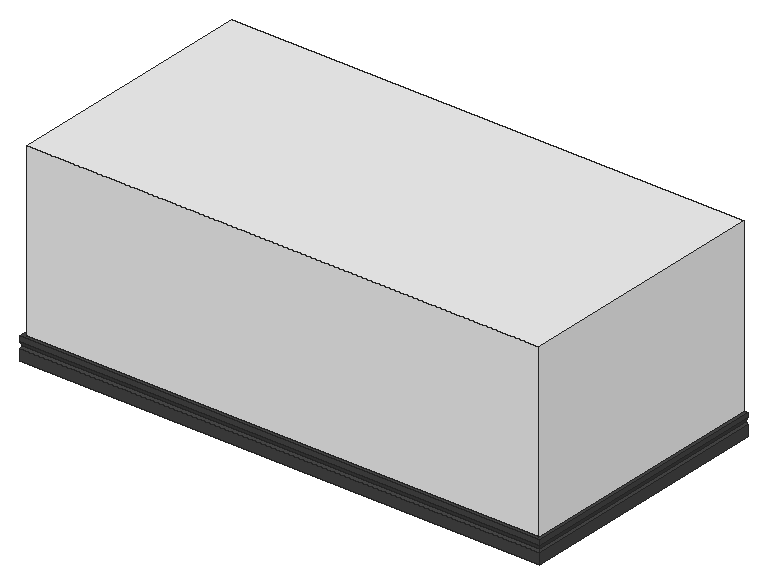
Revit family "Commercial-Kitchen-Vent", category Mechanical Equipment, host Ceiling, Revit 2026
Family settings
  Host = Ceiling
  Round Connector Dimension = Use Diameter
  Part Type = Normal
  Classification Number = 23.40.40.14.21
  Always vertical = Yes
  Cut with Voids When Loaded = No
  Maintain Annotation Orientation = No
  Shared = No
  Room Calculation Point = No
Parameters (values of type "250cfm")
  Length [instance] = 8' - 0"
  Warranty Duration (Years) = 1
  URL = "http://www.arcat.com/"
  Test Data = ""
  Specification = "http://www.arcat.com/divs/sec/sec11425.shtml"
  Sales Information = ""
  Product Properties = "http://www.arcat.com/bim/bim_info.pl?fn=Commercial-Kitchen-Vent "
  Product Data = "http://www.arcat.com/divs/sec/sec11425.shtml"
  Model = "Generic"  # constant formula
  Manufacturer Website = "http://www.arcat.com/"
  Manufacturer Phone - Toll Free = ""
  Manufacturer Phone = "(203) 929-9444"  # constant formula
  Manufacturer Fax = "(203) 929-2444"  # constant formula
  Manufacturer Email = "bim@arcat.com"  # constant formula
  Manufacturer Address = "1077 Bridgeport Ave, Shelton, CT  06484"  # constant formula
  Manufacturer = "Generic"  # constant formula
  Maintenance Schedule (Months) = 3
  Keynote = "11425"
  Installation-Fabrication = ""
  Installation Phase = ""
  Height = 5' - 0"
  Green Building-LEED = "http://www.arcat.com/green/green_building.shtml"
  Flow Rate_Lf = 250
  Fin Material = ARCAT - Metal - Aluminum_Black
  Expected Lifespan (Years) = 10
  Exhaust Capacity_cfm [instance] = Flow Rate_Lf * Length / 1' 0"  # 2000
  Drawn By = "Robert S. Weygant. CSI, CDT, SCIP"  # constant formula
  Description = "Medium-Duty Canopy Commercial Kitchen Vent (CKV)"
  Depth = 4' - 0"
  Default Elevation = 0' - 0"
  Copyright = "2008, ARCAT, Inc."  # constant formula
  Construction Details = "http://www.arcat.com/divs/sec/sec11425.shtml"
  Compliance = "UL710, NSF"
  Building Codes = ""
  Body Material = ARCAT - Metal - Steel_Stainless
  Assembly Code = "D3040200"
  Array [instance] = (Length - 0' 1") / 0' 9 1/8"  # 10
Types (6): name | Flow Rate_Lf | Exhaust Capacity_cfm | Description | Assembly Code
  300cfm | 300 | 2400 | "Medium-Duty Canopy Commercial Kitchen Vent (CKV)" | 0' - 0"
  150cfm | 150 | 1200 | "Light-Duty Canopy Commercial Kitchen Vent (CKV)" | 0' - 0"
  250cfm | 250 | 2000 | "Medium-Duty Canopy Commercial Kitchen Vent (CKV)" | "D3040200"
  200cfm | 200 | 1600 | "Light-Duty Canopy Commercial Kitchen Vent (CKV)" | 0' - 0"
  350cfm | 350 | 2800 | "Heavy-Duty Canopy Commercial Kitchen Vent (CKV)" | 0' - 0"
  400cfm | 400 | 3200 | "Extra-Heavy-Duty Canopy Commercial Kitchen Vent (CKV)" | 0' - 0"
Reference planes (in)
  plane 1 "Center (Front/Back)": y = 0
  plane 2 "Ceiling": z = 96
  plane 3 "Center (Left/Right)": x = 0
  plane 4: y = 24
  plane 5: y = -24
  plane 6: x = 48
  plane 7: x = -48
Forms (in)
  Extrusion 1, solid, material "ARCAT - Metal - Steel_Stainless" <- "Body Material"
    sketch origin (0, 0, 72) x (1, 0, 0) y (0, 1, 0)
      loop
        line (-48, 24) -> (-48, -24) -> (48, -24) -> (48, 24) -> (-48, 24)
    from -12 to 24
  Blend 2, void
    base sketch origin (0, 0, 72) x (1, 0, 0) y (0, 1, 0)
      loop
        line (-46.917, -0.96999) -> (-46.917, -22.96999) -> (47.083, -22.96999) -> (47.083, -0.96999) -> (-46.917, -0.96999)
    top sketch origin (0, 0, 72) x (1, 0, 0) y (0, 1, 0)
      loop
        line (-46.917, -11.96999) -> (-46.917, -22.96999) -> (47.083, -22.96999) -> (47.083, -11.96999) -> (-46.917, -11.96999)
    from -12 to 0
  Sweep 3, solid, material "ARCAT - Metal - Aluminum_Black" <- "Fin Material"
    path origin (0, 0, 0) x (1, 0, 0) y (0, 1, 0)
      loop
        line (48, 24) -> (48, -24) -> (-48, -24) -> (-48, 24)
    profile origin (-48, 0, 0) x (-1, 0, 0) y (0, 0, 1)
      loop
        line (0, 60) -> (0.75, 60) -> (0.75, 62) -> (0.39645, 62.35355) -> (0.75, 63.13233) -> (0.75, 64.13233) -> (0, 64.13233) -> (0, 60)
  Extrusion 4, solid
    sketch origin (0, 11, 72) x (1, 0, 0) y (0, 1, 0)
      loop
        line (-46.917, -11.96999) -> (-46.917, -12.96999) -> (47.083, -12.96999) -> (47.083, -11.96999) -> (-46.917, -11.96999)
    from -12 to -10
  Blend 5, solid, material "ARCAT - Metal - Aluminum_Black" <- "Fin Material"
    base sketch origin (-0.208, 0, 60) x (1, 0, 0) y (0, 1, 0)
      loop
        line (-41.042, -0.96999) -> (-41.042, -1.46999) -> (-39.792, -1.46999) -> (-39.792, -0.96999) -> (-41.042, -0.96999)
    top sketch origin (-0.208, 0, 60) x (1, 0, 0) y (0, 1, 0)
      loop
        line (-41.042, -11.96999) -> (-41.042, -12.46999) -> (-39.792, -12.46999) -> (-39.792, -11.96999) -> (-41.042, -11.96999)
    from 0 to 12
  Blend 6, solid, material "ARCAT - Metal - Aluminum_Black" <- "Fin Material"
    base sketch origin (80.792, 0, 60) x (1, 0, 0) y (0, 1, 0)
      loop
        line (-41.042, -0.96999) -> (-41.042, -1.46999) -> (-39.792, -1.46999) -> (-39.792, -0.96999) -> (-41.042, -0.96999)
    top sketch origin (80.792, 0, 60) x (1, 0, 0) y (0, 1, 0)
      loop
        line (-41.042, -11.96999) -> (-41.042, -12.46999) -> (-39.792, -12.46999) -> (-39.792, -11.96999) -> (-41.042, -11.96999)
    from 0 to 12
  Blend 7, solid, material "ARCAT - Metal - Aluminum_Black" <- "Fin Material"
    base sketch origin (8.792, 0, 60) x (1, 0, 0) y (0, 1, 0)
      loop
        line (-41.042, -0.96999) -> (-41.042, -1.46999) -> (-39.792, -1.46999) -> (-39.792, -0.96999) -> (-41.042, -0.96999)
    top sketch origin (8.792, 0, 60) x (1, 0, 0) y (0, 1, 0)
      loop
        line (-41.042, -11.96999) -> (-41.042, -12.46999) -> (-39.792, -12.46999) -> (-39.792, -11.96999) -> (-41.042, -11.96999)
    from 0 to 12
  Blend 8, solid, material "ARCAT - Metal - Aluminum_Black" <- "Fin Material"
    base sketch origin (17.792, 0, 60) x (1, 0, 0) y (0, 1, 0)
      loop
        line (-41.042, -0.96999) -> (-41.042, -1.46999) -> (-39.792, -1.46999) -> (-39.792, -0.96999) -> (-41.042, -0.96999)
    top sketch origin (17.792, 0, 60) x (1, 0, 0) y (0, 1, 0)
      loop
        line (-41.042, -11.96999) -> (-41.042, -12.46999) -> (-39.792, -12.46999) -> (-39.792, -11.96999) -> (-41.042, -11.96999)
    from 0 to 12
  Blend 9, solid, material "ARCAT - Metal - Aluminum_Black" <- "Fin Material"
    base sketch origin (26.792, 0, 60) x (1, 0, 0) y (0, 1, 0)
      loop
        line (-41.042, -0.96999) -> (-41.042, -1.46999) -> (-39.792, -1.46999) -> (-39.792, -0.96999) -> (-41.042, -0.96999)
    top sketch origin (26.792, 0, 60) x (1, 0, 0) y (0, 1, 0)
      loop
        line (-41.042, -11.96999) -> (-41.042, -12.46999) -> (-39.792, -12.46999) -> (-39.792, -11.96999) -> (-41.042, -11.96999)
    from 0 to 12
  Blend 10, solid, material "ARCAT - Metal - Aluminum_Black" <- "Fin Material"
    base sketch origin (35.792, 0, 60) x (1, 0, 0) y (0, 1, 0)
      loop
        line (-41.042, -0.96999) -> (-41.042, -1.46999) -> (-39.792, -1.46999) -> (-39.792, -0.96999) -> (-41.042, -0.96999)
    top sketch origin (35.792, 0, 60) x (1, 0, 0) y (0, 1, 0)
      loop
        line (-41.042, -11.96999) -> (-41.042, -12.46999) -> (-39.792, -12.46999) -> (-39.792, -11.96999) -> (-41.042, -11.96999)
    from 0 to 12
  Blend 11, solid, material "ARCAT - Metal - Aluminum_Black" <- "Fin Material"
    base sketch origin (44.792, 0, 60) x (1, 0, 0) y (0, 1, 0)
      loop
        line (-41.042, -0.96999) -> (-41.042, -1.46999) -> (-39.792, -1.46999) -> (-39.792, -0.96999) -> (-41.042, -0.96999)
    top sketch origin (44.792, 0, 60) x (1, 0, 0) y (0, 1, 0)
      loop
        line (-41.042, -11.96999) -> (-41.042, -12.46999) -> (-39.792, -12.46999) -> (-39.792, -11.96999) -> (-41.042, -11.96999)
    from 0 to 12
  Blend 12, solid, material "ARCAT - Metal - Aluminum_Black" <- "Fin Material"
    base sketch origin (53.792, 0, 60) x (1, 0, 0) y (0, 1, 0)
      loop
        line (-41.042, -0.96999) -> (-41.042, -1.46999) -> (-39.792, -1.46999) -> (-39.792, -0.96999) -> (-41.042, -0.96999)
    top sketch origin (53.792, 0, 60) x (1, 0, 0) y (0, 1, 0)
      loop
        line (-41.042, -11.96999) -> (-41.042, -12.46999) -> (-39.792, -12.46999) -> (-39.792, -11.96999) -> (-41.042, -11.96999)
    from 0 to 12
  Blend 13, solid, material "ARCAT - Metal - Aluminum_Black" <- "Fin Material"
    base sketch origin (62.792, 0, 60) x (1, 0, 0) y (0, 1, 0)
      loop
        line (-41.042, -0.96999) -> (-41.042, -1.46999) -> (-39.792, -1.46999) -> (-39.792, -0.96999) -> (-41.042, -0.96999)
    top sketch origin (62.792, 0, 60) x (1, 0, 0) y (0, 1, 0)
      loop
        line (-41.042, -11.96999) -> (-41.042, -12.46999) -> (-39.792, -12.46999) -> (-39.792, -11.96999) -> (-41.042, -11.96999)
    from 0 to 12
  Blend 14, solid, material "ARCAT - Metal - Aluminum_Black" <- "Fin Material"
    base sketch origin (71.792, 0, 60) x (1, 0, 0) y (0, 1, 0)
      loop
        line (-41.042, -0.96999) -> (-41.042, -1.46999) -> (-39.792, -1.46999) -> (-39.792, -0.96999) -> (-41.042, -0.96999)
    top sketch origin (71.792, 0, 60) x (1, 0, 0) y (0, 1, 0)
      loop
        line (-41.042, -11.96999) -> (-41.042, -12.46999) -> (-39.792, -12.46999) -> (-39.792, -11.96999) -> (-41.042, -11.96999)
    from 0 to 12
Cuts and joins
  Blend 2 cuts Extrusion 1
Dimensions and locks (in)
  equal spacing: host sketch curve, plane 3 "Center (Left/Right)", host sketch curve
  equal spacing: host sketch curve, plane 1 "Center (Front/Back)", host sketch curve
  host sketch curve to host sketch curve = 10' - 0"  (x2)
  "Height": Extrusion 1 to level
  "Length": plane 7 to plane 6
  "Depth": plane 4 to plane 5
  equal spacing: plane 7, plane 3 "Center (Left/Right)", plane 6
  locked: plane 5 to plane 1 "Center (Front/Back)" at 24
  locked: Sweep 3 to cut or joined group of Extrusion 1, Blend 2
  locked: cut or joined group of Extrusion 1, Blend 2 to Sweep 3 at 12
  locked: plane 7 to Blend 5 at 6.75
  equal spacing: group 1, group 3, group 4, group 5, group 6, group 7, group 8, group 9, group 10, group 2  (x3)
  locked: Blend 6 to plane 6 at 7
  aligned and locked: Sweep 3 to cut or joined group of Extrusion 1, Blend 2  (x2)
  aligned and locked: Sweep 3 to Extrusion 4  (x2)
  aligned and locked: cut or joined group of Extrusion 1, Blend 2 to Sweep 3  (x4)
  aligned and locked: Blend 5 to Sweep 3
  aligned and locked: cut or joined group of Extrusion 1, Blend 2 to Blend 5
  aligned and locked: cut or joined group of Extrusion 1, Blend 2 to Blend 7
  aligned and locked: Sweep 3 to Blend 7
  aligned and locked: Sweep 3 to Sweep 3  (x4)
  aligned and locked: cut or joined group of Extrusion 1, Blend 2 to cut or joined group of Extrusion 1, Blend 2
Automatic sketch dimensions
  Blend 5 sketch curve to Blend 5 sketch curve = 0' - 1 1/4"  (x2)
  Blend 5 sketch curve to Blend 5 sketch curve = 0' - 0 1/2"  (x2)
  Blend 6 sketch curve to Blend 6 sketch curve = 0' - 1 1/4"  (x2)
  Blend 6 sketch curve to Blend 6 sketch curve = 0' - 0 1/2"  (x2)
  Blend 7 sketch curve to Blend 7 sketch curve = 0' - 1 1/4"  (x2)
  Blend 7 sketch curve to Blend 7 sketch curve = 0' - 0 1/2"  (x2)
  Blend 8 sketch curve to Blend 8 sketch curve = 0' - 1 1/4"  (x2)
  Blend 8 sketch curve to Blend 8 sketch curve = 0' - 0 1/2"  (x2)
  Blend 9 sketch curve to Blend 9 sketch curve = 0' - 1 1/4"  (x2)
  Blend 9 sketch curve to Blend 9 sketch curve = 0' - 0 1/2"  (x2)
  Blend 10 sketch curve to Blend 10 sketch curve = 0' - 1 1/4"  (x2)
  Blend 10 sketch curve to Blend 10 sketch curve = 0' - 0 1/2"  (x2)
  Blend 11 sketch curve to Blend 11 sketch curve = 0' - 1 1/4"  (x2)
  Blend 11 sketch curve to Blend 11 sketch curve = 0' - 0 1/2"  (x2)
  Blend 12 sketch curve to Blend 12 sketch curve = 0' - 1 1/4"  (x2)
  Blend 12 sketch curve to Blend 12 sketch curve = 0' - 0 1/2"  (x2)
  Blend 13 sketch curve to Blend 13 sketch curve = 0' - 1 1/4"  (x2)
  Blend 13 sketch curve to Blend 13 sketch curve = 0' - 0 1/2"  (x2)
  Blend 14 sketch curve to Blend 14 sketch curve = 0' - 1 1/4"  (x2)
  Blend 14 sketch curve to Blend 14 sketch curve = 0' - 0 1/2"  (x2)
  Extrusion 1 sketch curve to plane 5 = 0' - 0"
  Extrusion 1 sketch curve to plane 7 = 0' - 0"
  Extrusion 1 sketch curve to plane 6 = 0' - 0"
  Extrusion 1 sketch curve to plane 4 = 0' - 0"
  Blend 2 sketch curve to plane 7 = 0' - 1.083"  (x2)
  plane 6 to Blend 2 sketch curve = 0' - 0.917"  (x2)
  plane 5 to Blend 2 sketch curve = 0' - 1.03001"  (x2)
  plane 1 "Center (Front/Back)" to Blend 2 sketch curve = 0' - 0.96999"
  Blend 2 sketch curve to Blend 2 sketch curve = 0' - 11"
  Sweep 3 sketch curve to plane 4 = 0' - 0"  (x2)
  Sweep 3 sketch curve to plane 7 = 0' - 0"
  Sweep 3 sketch curve to plane 6 = 0' - 0"
  Sweep 3 sketch curve to plane 5 = 0' - 0"
  Sweep 3 sketch curve to profile plane = 0' - 0"
  Sweep 3 sketch curve to profile plane = 0' - 0.39645"
  Sweep 3 sketch curve to Sweep 3 sketch curve = 0' - 0.35355"  (x2)
  Sweep 3 sketch curve to profile plane = 0' - 0 3/4"
  level to Sweep 3 sketch curve = 5' - 0"
  Sweep 3 sketch curve to Sweep 3 sketch curve = 0' - 2"
  Sweep 3 sketch curve to Sweep 3 sketch curve = 0' - 0.77877"
  Sweep 3 sketch curve to Sweep 3 sketch curve = 0' - 1"
  Extrusion 4 sketch curve to plane 7 = 0' - 1.083"
  plane 6 to Extrusion 4 sketch curve = 0' - 0.917"
  plane 1 "Center (Front/Back)" to Extrusion 4 sketch curve = 0' - 1.96999"
  plane 1 "Center (Front/Back)" to Extrusion 4 sketch curve = 0' - 0.96999"
